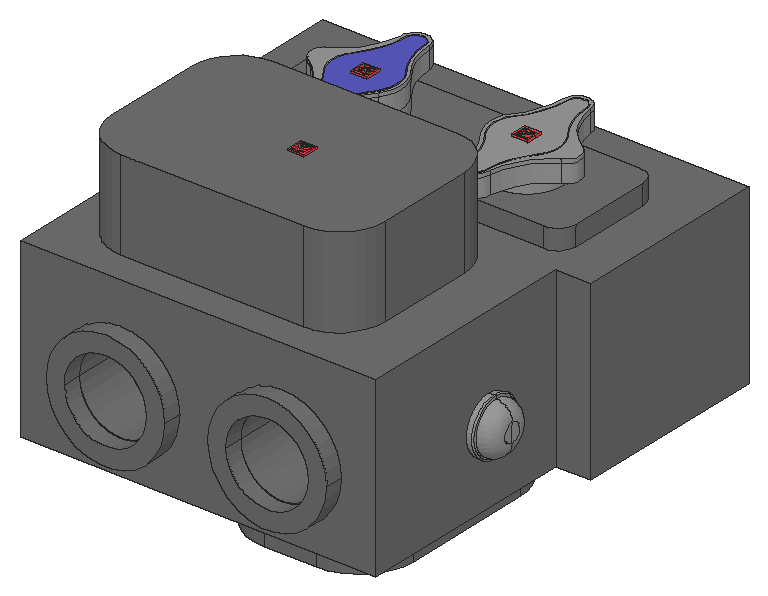
Revit family "HerzCon-Fan-coils and terminal units connection 90mm", category Rohrzubehör, Revit 2020
Family settings
  Bemaßung runder Anschluss = Durchmesser verwenden
  Teiletyp = Unterbricht
  OmniClass-Nummer = 23.65.55.14
  OmniClass-Titel = Valves for Liquid Services
  Arbeitsebenenbasiert = Nein
  Immer vertikal = Ja
  Beim Laden mit Abzugskörper schneiden = Nein
  Gemeinsam genutzt = Nein
Parameters (values of type "DN25")
  kvs-Wert (normal funktion) = "2.75"  # constant formula
  kvs-Wert (bypass funktion) = "10.00"  # constant formula
  Vorgabe-Ansicht = 0.00 mm
  URL = "www.herzvalves.com"
  SCRNSEQ = "ARM;TYP_ARM=\"DURR\";02"
  SCRNCODE = "05;04;04"  # constant formula
  Part number isolation [instance] = 1470098  # constant formula
  Part number [instance] = 1460058  # constant formula
  Nennweite SF [instance] = 32.00 mm  # constant formula
  Nennweite Kombi [instance] = 32.00 mm  # constant formula
  Nennweite KH [instance] = 25.00 mm  # constant formula
  Min. operating temperature = -20 °C  # constant formula
  Membranes and O-rings = "EPDM"  # constant formula
  Medium = "Water purity in accordance with the ÖNORM H 5195 and VDI 2035 standards.\r\nEthylene and propylene glycol can be mixed to a ratio of 25 - 50 vol. [%]."
  Max. operating temperature = 130 °C  # constant formula
  Max. operating pressure = 2500000.0 Pa  # constant formula
  Max. differential pressure = 400000.0 Pa  # constant formula
  L11 = 14.00 mm  # constant formula
  L10 = 25.00 mm  # constant formula
  L09 = 16.00 mm  # constant formula
  L08 = 14.75 mm  # constant formula
  L07 = 12.50 mm  # constant formula
  L06 = 20.50 mm  # constant formula
  L04 = 45.00 mm  # constant formula
  L03 = 18.00 mm  # constant formula
  L02 = 4.80 mm  # constant formula
  L01 = 19.85 mm  # constant formula
  L00 [instance] = 189.70 mm  # constant formula
  L05 = 22.00 mm  # constant formula
  Insulation box = "EPP, water vapour impermeable, black"  # constant formula
  Lift = "4 mm"  # constant formula
  Hersteller = "HERZ Armaturen Ges.m.b.H."  # constant formula
  H02 = D02 + 1.00 mm  # 28.00 mm
  H01 = 39.50 mm  # constant formula
  Insulation [instance] = yes
  D11 = 20.00 mm  # constant formula
  D10 = 13.00 mm  # constant formula
  D09 = 18.90 mm  # constant formula
  D08 = 19.10 mm  # constant formula
  D07 = 14.85 mm  # constant formula
  D06 = 32.60 mm  # constant formula
  D05 = 33.80 mm  # constant formula
  D04 = 15.50 mm  # constant formula
  D03 = 21.25 mm  # constant formula
  D02 = 27.00 mm  # constant formula
  D01 = 15.00 mm  # constant formula
  Body = "dezincification-resistant brass"  # constant formula
  Application = "HerzCON has been designed to give a simple connection to fan-coils, or other terminal units, and utilises the HERZ 4006 SMART Pressure Independent Balancing Control Valve with HERZ multifunctional ball valve and a HERZ strainer with HERZ drain valve 2512.\r\nOn/off or modulating 0 – 10 V DC actuators can be fitted and integrated to a BMS if required.\r\nThe unit allows pressure independent control ensuring full stroke regardless of pressure fluctuations, while guaranteeing a constant flow rate to the terminal unit maximising energy efficiency for the system.\r\nThe HerzCON unit also permits flushing and isolating operations to be undertaken.\r\nThis means there is no product differentiation between heating and chilled, one unit does both applications.\r\nThe drain cock fitted to the strainer allows flushing without the need to remove the strainer basket and also allows the strainer basket to be cleaned in-situ."
Reference planes
  plane 1 "Mitte (Vorne/hinten)": y = 0
  plane 2: z = 0
  plane 3 "Mitte (Links/rechts)": x = 0
Forms (mm)
  Revolve 1, solid, material "Messing, weicher Gelbton, geschweißt", detail levels fine
    sketch origin (-0.315, -1.436, 0) x (1, 0, 0) y (0, 1, 0)
      loop
        line (-94.535, 1.436) -> (95.165, 1.436) -> (95.165, 16.436) -> (75.315, 16.436) -> (75.315, 28.436) -> (23.115, 28.436) -> (23.115, 22.686) -> (18.315, 22.686) -> (18.315, 16.936) -> (-17.685, 16.936) -> (-17.685, 22.686) -> (-22.485, 22.686) -> (-22.485, 28.436) -> (-74.685, 28.436) -> (-74.685, 16.436) -> (-94.535, 16.436) -> (-94.535, 1.436)
      axis (95.165, 1.436) -> (-94.535, 1.436)
    angle from 0 to 360
  Revolve 2, solid, material "Messing, weicher Gelbton, geschweißt", detail levels fine
    sketch origin (0, 0, 0) x (1, 0, 0) y (0, 1, 0)
      loop
        line (-45, 28.35) -> (-57.5, 28.35) -> (-57.5, 47.45) -> (-65.5, 47.45) -> (-65.5, 32.6) -> (-67, 32.6) -> (-67, -33.8) -> (-59.75, -33.8) -> (-59.75, -45.7) -> (-70, -45.7) -> (-70, -65.7) -> (-61, -65.7) -> (-61, -52.7) -> (-45, -52.7) -> (-45, 28.35)
      axis (-45, 47.45) -> (-45, -65.7)
    angle from 0 to 360
  Revolve 3, solid, material "Messing, weicher Gelbton, geschweißt", detail levels fine
    sketch origin (0, 0, 0) x (-1, 0, 0) y (0, 1, 0)
      loop
        line (-45, 28.35) -> (-57.5, 28.35) -> (-57.5, 47.45) -> (-65.5, 47.45) -> (-65.5, 32.6) -> (-67, 32.6) -> (-67, -33.8) -> (-59.75, -33.8) -> (-59.75, -45.7) -> (-70, -45.7) -> (-70, -65.7) -> (-61, -65.7) -> (-61, -52.7) -> (-45, -52.7) -> (-45, 28.35)
      axis (-45, 47.45) -> (-45, -65.7)
    angle from 0 to 360
  Revolve 4, solid, material "Messing, weicher Gelbton, geschweißt", detail levels fine
    sketch origin (0, 0, 0) x (1, 0, 0) y (0, 0, 1)
      loop
        line (-45, 0) -> (-45, 39.5) -> (-59, 39.5) -> (-59, 0) -> (-45, 0)
      axis (-45, 0) -> (-45, 39.5)
    angle from 0 to 360
  Revolve 5, solid, material "Messing, weicher Gelbton, geschweißt", detail levels fine
    sketch origin (0, 0, 0) x (-1, 0, 0) y (0, 0, 1)
      loop
        line (-45, 0) -> (-45, 39.5) -> (-59, 39.5) -> (-59, 0) -> (-45, 0)
      axis (-45, 0) -> (-45, 39.5)
    angle from 0 to 360
  Revolve 6, solid, material "Messing, weicher Gelbton, geschweißt", detail levels fine
    sketch origin (0, 33.127, 0) x (1, 0, 0) y (0, 1, 0)
      loop
        line (45, -87.677) -> (29, -87.677) -> (29, -96.677) -> (30, -96.677) -> (30, -154.677) -> (29, -154.677) -> (29, -163.677) -> (45, -163.677) -> (45, -87.677)
      axis (45, -87.677) -> (45, -163.677)
    angle from 0 to 360
  Revolve 7, solid, material "Messing, weicher Gelbton, geschweißt", detail levels fine
    sketch origin (0, 0, 0) x (1, 0, 0) y (0, 1, 0)
      loop
        line (25, -92.55) -> (25, -107.55) -> (45, -107.55) -> (60, -111.55) -> (68, -111.55) -> (68, -107.55) -> (78, -107.55) -> (78, -105.55) -> (91, -105.55) -> (91, -106.55) -> (100, -106.55) -> (100, -92.55) -> (25, -92.55)
      axis (25, -92.55) -> (100, -92.55)
    angle from 0 to 360
  Revolve 8, solid, material "Messing, weicher Gelbton, geschweißt", detail levels fine
    sketch origin (0, 0, 0) x (1, 0, 0) y (0, 1, 0)
      loop
        line (25, -92.55) -> (11, -92.55) -> (11, -103.55) -> (15, -103.55) -> (15, -109.55) -> (25, -109.55) -> (25, -92.55)
      axis (11, -92.55) -> (25, -92.55)
    angle from 0 to 360
  Extrusion 9, solid, material "Messing, weicher Gelbton, geschweißt", detail levels fine
    sketch origin (0, 0, 0) x (0, 1, 0) y (0, 0, 1)
      loop
        line (-87.8, 46) -> (-97.3, 46) -> (-130.012, 27.114) -> (-134.762, 18.886) -> (-134.762, -18.886) -> (-130.012, -27.114) -> (-97.3, -46) -> (-87.8, -46) -> (-55.088, -27.114) -> (-50.338, -18.886) -> (-50.338, 18.886) -> (-55.088, 27.114) -> (-87.8, 46)
    from 11 to -10.6
  Revolve 10, solid, material "Messing, weicher Gelbton, geschweißt", detail levels fine
    sketch origin (0, 0, 0) x (1, 0, 0) y (0, 1, 0)
      loop
        line (-10.6, -92.55) -> (-10.6, -62.694) -> (-14.1, -75.05) -> (-14.1, -92.55) -> (-10.6, -92.55)
      axis (-14.1, -92.55) -> (-10.6, -92.55)
    angle from 0 to 360
  Extrusion 11, solid, material "Messing, weicher Gelbton, geschweißt", detail levels fine
    sketch origin (0, 0, 0) x (1, 0, 0) y (0, 0, 1)
      loop
        line (11, 8) -> (-6.1, 8)
        arc (-6.1, 8) -> (-14.1, 0) -> (-6.1, -8) r 8
        line (-6.1, -8) -> (11, -8) -> (11, 8)
    from 49.053 to 92.55
  Revolve 12, solid, material "Messing, weicher Gelbton, geschweißt", detail levels fine
    sketch origin (0, 0, 0) x (1, 0, 0) y (0, 1, 0)
      loop
        line (-13.1, -49.053) -> (-6.1, -49.053) -> (-6.1, -33.053) -> (-13.1, -33.053) -> (-13.1, -44.053) -> (-10.1, -44.053) -> (-10.1, -46.053) -> (-13.1, -46.053) -> (-13.1, -49.053)
      axis (-6.1, -33.053) -> (-6.1, -49.053)
    angle from 0 to 360
  Revolve 13, solid, material "Messing, weicher Gelbton, geschweißt", detail levels fine
    sketch origin (45, 0, 0) x (0, 1, 0) y (0, 0, 1)
      loop
        line (-107.55, 29) -> (-116.55, 29) -> (-116.55, 0) -> (-115.35, 0) -> (-115.35, -27) -> (-114.55, -27) -> (-114.55, -30) -> (-111.55, -30) -> (-111.55, -32) -> (-114.55, -32) -> (-114.55, -43) -> (-107.55, -43) -> (-107.55, 29)
      axis (-107.55, 29) -> (-107.55, -43)
    angle from 0 to 360
  Revolve 14, solid, material "Messing, weicher Gelbton, geschweißt", detail levels fine
    sketch origin (45, 0, 0) x (0, 1, 0) y (0, 0, 1)
      loop
        line (-68.55, 29) -> (-77.55, 29) -> (-77.55, 0) -> (-68.55, 0) -> (-68.55, 29)
      axis (-77.55, 29) -> (-77.55, 0)
    angle from 0 to 360
  Revolve 15, solid, material "Messing, weicher Gelbton, geschweißt", detail levels fine
    sketch origin (5.25, 97.957, 0) x (1, 0, 0) y (0, 1, 0)
      loop
        line (-50.25, -152.507) -> (-66.25, -152.507) -> (-66.25, -167.507) -> (-67.75, -167.507) -> (-67.75, -230.907) -> (-66.25, -230.907) -> (-66.25, -242.507) -> (-50.25, -242.507) -> (-50.25, -152.507)
      axis (-50.25, -152.507) -> (-50.25, -242.507)
    angle from 0 to 360
  Revolve 16, solid, material "Messing, weicher Gelbton, geschweißt", detail levels fine
    sketch origin (-45, -230.478, 0) x (0, 1, 0) y (0, 0, 1)
      loop
        arc (130.928, -23.913) -> (141.764, -20.377) -> (148.428, -11.13) r 18.37
        line (148.428, -11.13) -> (148.428, 3) -> (149.428, 4.812) -> (149.428, 32.5) -> (149.428, 34.5) -> (148.428, 34.5) -> (148.428, 36) -> (144.428, 36) -> (144.428, 49) -> (142.55, 50.084)
        arc (142.55, 50.084) -> (140.382, 52.622) -> (140.295, 55.959) r 5
        line (140.295, 55.959) -> (141.933, 61) -> (141.933, 76) -> (144.133, 76) -> (144.133, 77.5) -> (145.912, 77.5) -> (145.912, 84) -> (144.912, 86.5) -> (133.412, 86.5) -> (133.412, 89.5) -> (134.912, 89.5) -> (134.912, 91.5) -> (130.928, 91.5) -> (130.928, -23.913)
      axis (130.928, 91.5) -> (130.928, -23.913)
    angle from 0 to 360
  Extrusion 17, solid, material "Messing, weicher Gelbton, geschweißt", detail levels fine
    sketch origin (-1, -230.478, 0) x (0, 1, 0) y (0, 0, 1)
      loop
        circle (130.928, 65) r 5.5
    from -44 to -27
  Extrusion 18, solid, material "Kunststoff-Anthrazit/Schwarz", visible <- "Insulation", detail levels fine
    sketch origin (-452.346, 0, 0) x (1, 0, 0) y (0, 1, 0)
      loop
        line (332.346, 64.5) -> (332.346, -45.5) -> (351.746, -45.5) -> (351.746, -170.5) -> (549.946, -170.5) -> (549.946, -45.5) -> (569.346, -45.5) -> (569.346, 64.5) -> (332.346, 64.5)
    from -42 to 56
  Extrusion 19, void
    sketch origin (0, 0, 0) x (0, 1, 0) y (0, 0, 1)
      loop
        circle (-92.55, 0) r 15
    from 117 to 32.451
  Extrusion 20, void
    sketch origin (0, 0, 0) x (1, 0, 0) y (0, 0, 1)
      loop
        circle (-45, 0) r 23
      loop
        circle (45, 0) r 23
    from 184.5 to -80
  Extrusion 21, solid, material "Kunststoff-Anthrazit/Schwarz", visible <- "Insulation", detail levels fine
    sketch origin (0, 0, 0) x (1, 0, 0) y (0, 0, 1)
      loop
        circle (-45, 0) r 33
      loop
        circle (45, 0) r 33
    from 180.5 to 170.5
  Extrusion 22, solid, material "Kunststoff-Anthrazit/Schwarz", visible <- "Insulation", detail levels fine
    sketch origin (0, 0, 0) x (1, 0, 0) y (0, 0, 1)
      loop
        circle (-45, 0) r 33
      loop
        circle (45, 0) r 33
    from -64.5 to -74.5
  Extrusion 23, solid, material "Kunststoff-Anthrazit/Schwarz", visible <- "Insulation", detail levels fine
    sketch origin (0, 0, 0) x (1, 0, 0) y (0, 1, 0)
      loop
        line (43.2, -46.9) -> (-58.4, -46.9)
        arc (-58.4, -46.9) -> (-76.078, -54.222) -> (-83.4, -71.9) r 25
        line (-83.4, -71.9) -> (-83.4, -128)
        arc (-83.4, -128) -> (-76.078, -145.678) -> (-58.4, -153) r 25
        line (-58.4, -153) -> (43.2, -153)
        arc (43.2, -153) -> (60.878, -145.678) -> (68.2, -128) r 25
        line (68.2, -128) -> (68.2, -71.9)
        arc (68.2, -71.9) -> (60.878, -54.222) -> (43.2, -46.9) r 25
    from 56 to 106
  Extrusion 24, solid, material "Kunststoff-Anthrazit/Schwarz", visible <- "Insulation", detail levels fine
    sketch origin (0, 0, 0) x (1, 0, 0) y (0, 1, 0)
      loop
        arc (81.5, -33.43) -> (88.571, -30.501) -> (91.5, -23.43) r 10
        line (91.5, -23.43) -> (91.5, 22.8)
        arc (91.5, 22.8) -> (88.571, 29.871) -> (81.5, 32.8) r 10
        line (81.5, 32.8) -> (-81.5, 32.8)
        arc (-81.5, 32.8) -> (-88.571, 29.871) -> (-91.5, 22.8) r 10
        line (-91.5, 22.8) -> (-91.5, -23.43)
        arc (-91.5, -23.43) -> (-88.571, -30.501) -> (-81.5, -33.43) r 10
        line (-81.5, -33.43) -> (81.5, -33.43)
    from 56 to 67
  Extrusion 25, solid, material "Kunststoff-Anthrazit/Schwarz", visible <- "Insulation", detail levels fine
    sketch origin (0, 0, 0) x (1, 0, 0) y (0, 1, 0)
      loop
        arc (5.4, 1.85) -> (-15.813, -6.937) -> (-24.6, -28.15) r 30
        line (-24.6, -28.15) -> (-24.6, -102.9)
        arc (-24.6, -102.9) -> (-15.813, -124.113) -> (5.4, -132.9) r 30
        line (5.4, -132.9) -> (34.4, -132.9)
        arc (34.4, -132.9) -> (55.613, -124.113) -> (64.4, -102.9) r 30
        line (64.4, -102.9) -> (64.4, -28.15)
        arc (64.4, -28.15) -> (55.613, -6.937) -> (34.4, 1.85) r 30
        line (34.4, 1.85) -> (5.4, 1.85)
    from -42 to -76
Cuts and joins
  Extrusion 19, Extrusion 20 cuts Extrusion 18
  Extrusion 20 cuts Extrusion 21
  Extrusion 20 cuts Extrusion 22
Dimensions and locks
  "D04": Revolve 1 sketch curve to Revolve 1 sketch curve
  "D03": Revolve 1 sketch curve to Revolve 1 sketch curve  (x2)
  "D01": Revolve 1 sketch curve to Revolve 1 sketch curve  (x2)
  "D02": Revolve 1 sketch curve to Revolve 1 sketch curve  (x2)
  "L00": Revolve 1 sketch curve to Revolve 1 sketch curve
  "L01": Revolve 1 sketch curve to Revolve 1 sketch curve  (x2)
  "L02": Revolve 1 sketch curve to Revolve 1 sketch curve  (x2)
  equal spacing: Revolve 1 sketch curve, plane 3 "Mitte (Links/rechts)", Revolve 1 sketch curve
  "L03": Revolve 1 sketch curve to plane 3 "Mitte (Links/rechts)" to Revolve 1 sketch curve
  "L04": Revolve 2 sketch curve to plane 3 "Mitte (Links/rechts)"  (x2)
  "L05": Revolve 2 sketch curve to Revolve 2 sketch curve
  "D05": Revolve 2 sketch curve to plane 1 "Mitte (Vorne/hinten)"
  "D06": plane 1 "Mitte (Vorne/hinten)" to Revolve 2 sketch curve
  "L06": Revolve 2 sketch curve to Revolve 2 sketch curve
  "D07": Revolve 2 sketch curve to Revolve 2 sketch curve
  "D08": Revolve 2 sketch curve to Revolve 2 sketch curve
  "L07": Revolve 2 sketch curve to Revolve 2 sketch curve
  "L08": Revolve 2 sketch curve to Revolve 2 sketch curve
  "D09": Revolve 2 sketch curve to Revolve 2 sketch curve
  "D10": Revolve 2 sketch curve to Revolve 2 sketch curve
  "D11": Revolve 2 sketch curve to Revolve 2 sketch curve
  "L09": Revolve 2 sketch curve to Revolve 2 sketch curve
  "L10": Revolve 2 sketch curve to Revolve 2 sketch curve
  "L05": Revolve 3 sketch curve to Revolve 3 sketch curve
  "L06": Revolve 3 sketch curve to Revolve 3 sketch curve
  "D07": Revolve 3 sketch curve to Revolve 3 sketch curve
  "D08": Revolve 3 sketch curve to Revolve 3 sketch curve
  "L07": Revolve 3 sketch curve to Revolve 3 sketch curve
  "L08": Revolve 3 sketch curve to Revolve 3 sketch curve
  "D09": Revolve 3 sketch curve to Revolve 3 sketch curve
  "D10": Revolve 3 sketch curve to Revolve 3 sketch curve
  "D11": Revolve 3 sketch curve to Revolve 3 sketch curve
  "L09": Revolve 3 sketch curve to Revolve 3 sketch curve
  "L10": Revolve 3 sketch curve to Revolve 3 sketch curve
  "L04": plane 3 "Mitte (Links/rechts)" to Revolve 3 sketch curve  (x2)
  "D05": Revolve 3 sketch curve to plane 1 "Mitte (Vorne/hinten)"
  "D06": plane 1 "Mitte (Vorne/hinten)" to Revolve 3 sketch curve
  "H01": Revolve 4 sketch curve to plane 2
  "L04": plane 3 "Mitte (Links/rechts)" to Revolve 4 sketch curve  (x2)
  "L11": Revolve 4 sketch curve to Revolve 4 sketch curve
  "L11": Revolve 5 sketch curve to Revolve 5 sketch curve
  "L04": Revolve 5 sketch curve to plane 3 "Mitte (Links/rechts)"  (x2)
  "H01": Revolve 5 sketch curve to plane 2
  "L04": nested 3 to plane 3 "Mitte (Links/rechts)"
  "L04": plane 3 "Mitte (Links/rechts)" to nested 4
  "H02": nested 3 to plane 2
  "H02": nested 4 to plane 2
  "L04": plane 3 "Mitte (Links/rechts)" to Revolve 6 sketch curve  (x2)
  Revolve 6 sketch curve to Revolve 6 sketch curve = 16.00 mm  (x2)
  Revolve 6 sketch curve to Revolve 6 sketch curve = 15.00 mm
  Revolve 6 sketch curve to Revolve 6 sketch curve = 76.00 mm
  Revolve 6 sketch curve to Revolve 6 sketch curve = 9.00 mm  (x2)
  equal spacing: Revolve 6, Revolve 7 sketch curve, Revolve 6  (x2)
  Revolve 7 sketch curve to Revolve 7 sketch curve = 75.00 mm
  Revolve 7 sketch curve to Revolve 7 sketch curve = 9.00 mm
  Revolve 7 sketch curve to Revolve 7 sketch curve = 13.00 mm  (x2)
  Revolve 7 sketch curve to Revolve 7 sketch curve = 10.00 mm
  "L04": plane 3 "Mitte (Links/rechts)" to Revolve 7 sketch curve
  Revolve 7 sketch curve to Revolve 7 sketch curve = 14.00 mm
  Revolve 7 sketch curve to Revolve 7 sketch curve = 15.00 mm  (x2)
  Revolve 7 sketch curve to Revolve 7 sketch curve = 20.00 mm
  Revolve 7 sketch curve to Revolve 7 sketch curve = 35.00 mm
  Revolve 8 sketch curve to Revolve 7 = 20.00 mm
  equal spacing: Revolve 6, Revolve 8 sketch curve, Revolve 6  (x2)
  Revolve 8 sketch curve to Revolve 8 sketch curve = 17.00 mm
  Revolve 8 sketch curve to Revolve 8 sketch curve = 11.00 mm
  Revolve 8 sketch curve to Revolve 8 sketch curve = 14.00 mm
  Revolve 8 sketch curve to Revolve 8 sketch curve = 10.00 mm
  Revolve 6 to Extrusion 9 sketch curve = 4.212 mm
  Extrusion 9 sketch curve to Revolve 6 = 4.212 mm
  Extrusion 9 sketch curve to Extrusion 9 sketch curve = 84.424 mm
  equal spacing: Extrusion 9 sketch curve, level, Extrusion 9 sketch curve
  Extrusion 9 to Revolve 7 = 34.00 mm
  equal spacing: Revolve 6, Revolve 10 sketch curve, Revolve 6  (x2)
  Revolve 10 sketch curve to Revolve 10 sketch curve = 17.50 mm
  Revolve 10 sketch curve to Revolve 10 sketch curve = 29.856 mm
  Revolve 10 sketch curve to Extrusion 9 = 3.50 mm
  equal spacing: Revolve 6, nested 5, Revolve 6
  Revolve 7 to nested 5 = 46.00 mm
  Extrusion 9 to Revolve 10 = 25.10 mm
  Revolve 12 sketch curve to Revolve 12 sketch curve = 7.00 mm  (x2)
  Revolve 12 sketch curve to Revolve 12 sketch curve = 4.00 mm
  Revolve 12 sketch curve to Revolve 12 sketch curve = 3.00 mm
  Revolve 12 sketch curve to Revolve 12 sketch curve = 2.00 mm
  Revolve 12 sketch curve to Revolve 12 sketch curve = 11.00 mm
  Revolve 10 to Revolve 12 sketch curve = 1.00 mm
  Revolve 10 to Revolve 12 sketch curve = 8.00 mm
  Extrusion 11 to Revolve 12 sketch curve = 43.497 mm
  equal spacing: Revolve 6, Extrusion 11, Revolve 6
  Extrusion 11 to Extrusion 11 = 43.497 mm
  Revolve 3 to Revolve 6 = 178.00 mm
  Revolve 13 sketch curve to Revolve 13 sketch curve = 7.80 mm
  Revolve 13 sketch curve to Revolve 13 sketch curve = 9.00 mm
  Revolve 13 sketch curve to Revolve 13 sketch curve = 7.00 mm  (x2)
  Revolve 13 sketch curve to Revolve 13 sketch curve = 4.00 mm
  Revolve 13 sketch curve to Revolve 13 sketch curve = 3.00 mm
  Revolve 13 sketch curve to Revolve 13 sketch curve = 2.00 mm
  Revolve 13 sketch curve to Revolve 13 sketch curve = 11.00 mm
  "L04": plane 3 "Mitte (Links/rechts)" to Revolve 13
  Revolve 14 sketch curve to Revolve 14 sketch curve = 9.00 mm
  "L04": plane 3 "Mitte (Links/rechts)" to Revolve 14
  nested 7 to plane 2 = 29.00 mm
  nested 6 to plane 2 = 29.00 mm
  Revolve 15 sketch curve to Revolve 15 sketch curve = 11.60 mm
  Revolve 15 sketch curve to Revolve 15 sketch curve = 15.00 mm
  Revolve 15 sketch curve to Revolve 15 sketch curve = 90.00 mm
  Revolve 15 sketch curve to Revolve 15 sketch curve = 16.00 mm  (x2)
  Revolve 15 sketch curve to Revolve 15 sketch curve = 17.50 mm
  Revolve 15 to Revolve 16 sketch curve = 45.00 mm  (x2)
  Revolve 15 to Extrusion 17 sketch curve = 45.00 mm
  nested 8 to Revolve 15 = 45.00 mm
  plane 2 to Revolve 16 sketch curve = 23.913 mm
  Revolve 16 sketch curve to plane 2 = 34.50 mm
  Revolve 16 sketch curve to Revolve 16 sketch curve = 17.50 mm  (x2)
  Revolve 16 sketch curve to plane 2 = 4.812 mm
  Revolve 16 sketch curve to Revolve 16 sketch curve = 18.50 mm
  Revolve 16 sketch curve to Revolve 16 sketch curve = 1.50 mm
  Revolve 16 sketch curve to Revolve 16 sketch curve = 13.50 mm
  Revolve 16 sketch curve to Revolve 16 sketch curve = 13.00 mm
  "L04": Revolve 16 to plane 3 "Mitte (Links/rechts)"
  "L04": Revolve 15 sketch curve to plane 3 "Mitte (Links/rechts)"  (x2)
  Extrusion 17 to Extrusion 17 = 17.00 mm
  "L04": plane 3 "Mitte (Links/rechts)" to Extrusion 17
  Revolve 16 to Extrusion 17 sketch curve = 11.00 mm
  Extrusion 17 sketch curve to plane 2 = 65.00 mm
  Revolve 15 to Revolve 2 = 192.00 mm
  Extrusion 18 sketch curve to Extrusion 18 sketch curve = 237.00 mm
  Extrusion 18 sketch curve to Extrusion 18 sketch curve = 235.00 mm
  Extrusion 18 sketch curve to Extrusion 18 sketch curve = 19.40 mm  (x2)
  plane 1 "Mitte (Vorne/hinten)" to Extrusion 18 sketch curve = 64.50 mm
  Extrusion 18 sketch curve to Extrusion 18 sketch curve = 110.00 mm  (x2)
  cut or joined group of Extrusion 18, Extrusion 19, Extrusion 20 to Extrusion 19 sketch curve = 77.95 mm
  cut or joined group of Extrusion 18, Extrusion 19, Extrusion 20 to Extrusion 20 sketch curve = 52.00 mm
  cut or joined group of Extrusion 18, Extrusion 19, Extrusion 20 to Extrusion 20 sketch curve = 142.00 mm
  cut or joined group of Extrusion 18, Extrusion 19, Extrusion 20 to Extrusion 21 sketch curve = 42.00 mm
  cut or joined group of Extrusion 18, Extrusion 19, Extrusion 20 to Extrusion 21 sketch curve = 132.00 mm
  cut or joined group of Extrusion 18, Extrusion 19, Extrusion 20 to Extrusion 22 sketch curve = 42.00 mm
  cut or joined group of Extrusion 18, Extrusion 19, Extrusion 20 to Extrusion 22 sketch curve = 132.00 mm
  cut or joined group of Extrusion 18, Extrusion 19, Extrusion 20 to Extrusion 23 sketch curve = 17.50 mm
  cut or joined group of Extrusion 18, Extrusion 19, Extrusion 20 to Extrusion 23 sketch curve = 17.20 mm
  Extrusion 23 sketch curve to Extrusion 23 sketch curve = 151.60 mm
  Extrusion 23 sketch curve to Extrusion 23 sketch curve = 106.10 mm
  Extrusion 24 sketch curve to Extrusion 24 sketch curve = 66.23 mm
  Extrusion 24 sketch curve to Extrusion 24 sketch curve = 183.00 mm
  cut or joined group of Extrusion 18, Extrusion 19, Extrusion 20 to Extrusion 24 sketch curve = 28.50 mm
  Extrusion 24 sketch curve to cut or joined group of Extrusion 18, Extrusion 19, Extrusion 20 = 25.50 mm
  cut or joined group of Extrusion 18, Extrusion 19, Extrusion 20 to Extrusion 24 sketch curve = 31.70 mm
  cut or joined group of Extrusion 18, Extrusion 19, Extrusion 20 to Extrusion 25 sketch curve = 62.65 mm
  Extrusion 25 sketch curve to Extrusion 25 sketch curve = 134.75 mm
  Extrusion 25 sketch curve to cut or joined group of Extrusion 18, Extrusion 19, Extrusion 20 = 52.60 mm
  Extrusion 25 sketch curve to Extrusion 25 sketch curve = 89.00 mm
  equal spacing: Extrusion 23, nested 9, Extrusion 23
  nested 9 to plane 2 = 105.20 mm
  radius of Revolve 16 sketch curve = 18.37 mm
  radius of Extrusion 17 sketch curve = 5.50 mm
  diameter of Extrusion 19 sketch curve = 30.00 mm
  diameter of Extrusion 20 sketch curve = 46.00 mm  (x2)
  diameter of Extrusion 21 sketch curve = 66.00 mm  (x2)
  diameter of Extrusion 22 sketch curve = 66.00 mm  (x2)
  aligned and locked: level to plane 2
Automatic sketch dimensions
  Extrusion 11 sketch curve to level = 0.00 mm
  Extrusion 11 sketch curve to plane 3 "Mitte (Links/rechts)" = 6.10 mm
  plane 3 "Mitte (Links/rechts)" to Extrusion 11 sketch curve = 11.00 mm
  Extrusion 11 sketch curve to level = 8.00 mm
  Revolve 8 sketch curve to Revolve 8 sketch curve = 2.197 mm
  Revolve 8 sketch curve to Revolve 8 sketch curve = 3.212 mm
  level to Extrusion 9 sketch curve = 27.114 mm  (x2)
  Extrusion 9 sketch curve to Extrusion 9 sketch curve = 4.75 mm  (x4)
  Extrusion 9 sketch curve to level = 27.114 mm  (x2)
  Extrusion 9 sketch curve to Extrusion 9 sketch curve = 32.712 mm  (x2)
  Extrusion 9 sketch curve to Extrusion 9 sketch curve = 9.50 mm  (x2)
  Extrusion 9 sketch curve to Extrusion 9 sketch curve = 18.886 mm
  Extrusion 9 sketch curve to Extrusion 9 sketch curve = 8.227 mm  (x4)
  Revolve 10 sketch curve to plane 3 "Mitte (Links/rechts)" = 10.60 mm
  Revolve 10 sketch curve to Revolve 10 sketch curve = 0.00 mm  (x2)
  Revolve 12 sketch curve to Revolve 12 sketch curve = 1.775 mm
  Revolve 12 sketch curve to Revolve 12 sketch curve = 4.225 mm
  Revolve 13 sketch curve to level = 0.00 mm
  level to Revolve 13 sketch curve = 29.00 mm
  plane 1 "Mitte (Vorne/hinten)" to Revolve 13 sketch curve = 116.55 mm
  Revolve 13 sketch curve to level = 27.00 mm
  Revolve 13 sketch curve to Revolve 13 sketch curve = 7.00 mm
  Revolve 13 sketch curve to Revolve 13 sketch curve = 7.744 mm
  Revolve 13 sketch curve to Revolve 13 sketch curve = 8.256 mm
  Revolve 14 sketch curve to level = 0.00 mm
  level to Revolve 14 sketch curve = 29.00 mm
  plane 1 "Mitte (Vorne/hinten)" to Revolve 14 sketch curve = 77.55 mm
  Revolve 14 sketch curve to Revolve 14 sketch curve = 0.00 mm
  level to Revolve 14 sketch curve = 14.00 mm
  Revolve 14 sketch curve to Revolve 14 sketch curve = 5.00 mm
  Revolve 16 sketch curve to Revolve 16 sketch curve = 2.485 mm
  Revolve 16 sketch curve to Revolve 16 sketch curve = 1.50 mm  (x2)
  level to Revolve 16 sketch curve = 55.959 mm
  Revolve 16 sketch curve to Revolve 16 sketch curve = 4.133 mm
  level to Revolve 16 sketch curve = 61.00 mm
  Revolve 16 sketch curve to Revolve 16 sketch curve = 1.638 mm
  level to Revolve 16 sketch curve = 50.084 mm
  Revolve 16 sketch curve to Revolve 16 sketch curve = 1.878 mm
  Revolve 16 sketch curve to Revolve 16 sketch curve = 10.00 mm
  Revolve 16 sketch curve to Revolve 16 sketch curve = 2.50 mm  (x2)
  Revolve 16 sketch curve to Revolve 16 sketch curve = 1.00 mm
  Revolve 16 sketch curve to Revolve 16 sketch curve = 1.812 mm
  Revolve 16 sketch curve to Revolve 16 sketch curve = 2.00 mm  (x2)
  Revolve 16 sketch curve to Revolve 16 sketch curve = 15.00 mm
  Revolve 16 sketch curve to Revolve 16 sketch curve = 6.50 mm
  Revolve 16 sketch curve to Revolve 16 sketch curve = 3.00 mm
  Revolve 16 sketch curve to Revolve 16 sketch curve = 2.20 mm
  Revolve 16 sketch curve to Revolve 16 sketch curve = 1.316 mm
  Revolve 16 sketch curve to Revolve 16 sketch curve = 0.227 mm
  Extrusion 18 sketch curve to plane 3 "Mitte (Links/rechts)" = 120.00 mm
  Extrusion 19 sketch curve to level = 0.00 mm
  Extrusion 20 sketch curve to level = 0.00 mm  (x2)
  Extrusion 21 sketch curve to level = 0.00 mm  (x2)
  Extrusion 22 sketch curve to level = 0.00 mm  (x2)
  Extrusion 23 sketch curve to Extrusion 23 sketch curve = 25.00 mm  (x4)
  Extrusion 24 sketch curve to Extrusion 24 sketch curve = 10.00 mm  (x4)
  Extrusion 25 sketch curve to Extrusion 25 sketch curve = 30.00 mm
  plane 1 "Mitte (Vorne/hinten)" to Extrusion 25 sketch curve = 28.15 mm
  Extrusion 25 sketch curve to Extrusion 25 sketch curve = 29.00 mm  (x2)
  Revolve 1 sketch curve to plane 1 "Mitte (Vorne/hinten)" = 0.00 mm
  plane 1 "Mitte (Vorne/hinten)" to Revolve 1 sketch curve = 0.00 mm
  Revolve 1 sketch curve to Revolve 1 sketch curve = 1933.131 mm
  Revolve 1 sketch curve to Revolve 1 sketch curve = 1932.50 mm
  plane 1 "Mitte (Vorne/hinten)" to Revolve 2 sketch curve = 18.80 mm
  Revolve 2 sketch curve to Revolve 2 sketch curve = 12.268 mm
  Revolve 3 sketch curve to plane 1 "Mitte (Vorne/hinten)" = 18.80 mm
  Revolve 3 sketch curve to Revolve 3 sketch curve = 12.268 mm
  Revolve 4 sketch curve to level = 0.00 mm  (x2)
  Revolve 4 sketch curve to Revolve 4 sketch curve = 9.50 mm
  Revolve 5 sketch curve to level = 0.00 mm  (x2)
  Revolve 5 sketch curve to Revolve 5 sketch curve = 9.50 mm
  plane 1 "Mitte (Vorne/hinten)" to Revolve 6 sketch curve = 130.55 mm
  Revolve 6 sketch curve to Revolve 6 sketch curve = 6.00 mm
  Revolve 6 sketch curve to Revolve 6 sketch curve = 5.00 mm
  Revolve 7 sketch curve to Revolve 7 sketch curve = 4.00 mm
  Revolve 7 sketch curve to Revolve 7 sketch curve = 15.00 mm
  Revolve 7 sketch curve to Revolve 7 sketch curve = 11.575 mm
  plane 1 "Mitte (Vorne/hinten)" to Revolve 15 sketch curve = 144.55 mm
  Revolve 15 sketch curve to Revolve 15 sketch curve = 6.926 mm
  Revolve 15 sketch curve to Revolve 15 sketch curve = 10.00 mm
Nested families
  nested 1: "Herz-Logo-vorne" at (-0.315, -15.5, 0) x (0, 1, 0) z (0, 0, 1), type "Herz-Logo-vorne", detail levels fine
  nested 2: "Herz-Logo-vorne" at (-0.315, 15.5, 0) x (0, 1, 0) z (0, 0, 1), type "Herz-Logo-vorne", detail levels fine
  nested 3: "Handrad (blau) für HerzCon DN25-DN32" at (-45, 0, 28) x (0, -1, 0) z (0, 0, 1), type "Handrad (blau) für HerzCon DN25-DN32", detail levels fine
  nested 4: "Handrad (rot) für HerzCon DN25-DN32" at (45, 0, 28) x (0, 1, 0) z (0, 0, 1), type "Handrad (rot) für HerzCon DN25-DN32", detail levels fine
  nested 5: "Bauschutzkappe für HerCon" at (91, -92.55, 0), type "Bauschutzkappe für HerCon"
  nested 6: "Messstutzen_Band_Austritt_senkrecht_(oben)" at (45, -77.55, 11.5), type "Messstutzen_Band_Austritt_senkrecht_(oben)"
    with Schutzkappe yes, Nennweite 0.00 mm, Gewicht 0.00 kg, Bestellnummer 0
  nested 7: "Messstutzen_Band_Eintritt_senkrecht_(oben)" at (45, -107.55, 11.5), type "Messstutzen_Band_Eintritt_senkrecht_(oben)"
    with Schutzkappe yes, Nennweite 0.00 mm, Gewicht 0.00 kg, Bestellnummer 0
  nested 8: "Flügelgriff rot (seite)" at (-32.6, -99.55, 65), type "Flügelgriff rot (seite)"
  nested 9: "Herz-Logo" at (0, -99.95, 105.2), visible <- "Insulation", type "Herz-Logo", detail levels fine
Connectors
  piping at (45, -130.55, 0), diameter 32, driven by "Nennweite Kombi"
    settings: on Revolve 6, index 1, connector inside diameter 609.6 mm, connector length 0.00 mm, flow factor 0, pipe flow 0.0 L/s, pressure drop 0.0 Pa, fitting loss kfactor 0, connector angle 0.00°, fixture units 0, engagement length 0.00 mm, angle of deflection 0.00°, flow configuration 0, flow direction 1, fitting loss method 0, system type 7, joint type 0, gender type 0, connector reference index -1, connector utility 0, adjustable connector no, is connector primary yes, connector description ""
  piping at (-45, -144.55, 0), diameter 32, driven by "Nennweite SF"
    settings: on Revolve 15, index 2, connector inside diameter 609.6 mm, connector length 0.00 mm, flow factor 0, pipe flow 0.0 L/s, pressure drop 0.0 Pa, fitting loss kfactor 0, connector angle 0.00°, fixture units 0, engagement length 0.00 mm, angle of deflection 0.00°, flow configuration 0, flow direction 2, fitting loss method 0, system type 8, joint type 0, gender type 0, connector reference index -1, connector utility 0, adjustable connector no, is connector primary no, connector description ""
  piping at (-45, 28.35, 0), diameter 25, driven by "Nennweite KH"
    settings: on Revolve 2, index 3, connector inside diameter 609.6 mm, connector length 0.00 mm, flow factor 0, pipe flow 0.0 L/s, pressure drop 0.0 Pa, fitting loss kfactor 0, connector angle 0.00°, fixture units 0, engagement length 0.00 mm, angle of deflection 0.00°, flow configuration 0, flow direction 1, fitting loss method 0, system type 8, joint type 0, gender type 0, connector reference index -1, connector utility 0, adjustable connector no, is connector primary no, connector description ""
  piping at (45, 28.35, 0), diameter 25, driven by "Nennweite KH"
    settings: on Revolve 3, index 4, connector inside diameter 609.6 mm, connector length 0.00 mm, flow factor 0, pipe flow 0.0 L/s, pressure drop 0.0 Pa, fitting loss kfactor 0, connector angle 0.00°, fixture units 0, engagement length 0.00 mm, angle of deflection 0.00°, flow configuration 0, flow direction 2, fitting loss method 0, system type 7, joint type 0, gender type 0, connector reference index -1, connector utility 0, adjustable connector no, is connector primary no, connector description ""
Definition of nested family "Herz-Logo-vorne"
  Parameters (values of type "Herz-Logo-vorne")
    Default Elevation = 0.00 mm
  Reference planes
    plane 1 "Mitte (Vorne/hinten)": y = 0
    plane 2: z = 0
    plane 3 "Mitte (Links/rechts)": x = 0
  Forms (mm)
    Extrusion 1, solid
      sketch origin (0.732, -0.018, 0.017) x (0, -1, 0) y (0, 0, 1)
        loop
          line (-0.018, -4.517) -> (4.482, -4.517) -> (4.482, 4.483) -> (-4.518, 4.483) -> (-4.518, -4.517) -> (-0.018, -4.517)
        loop
          line (-0.05, -3.48) -> (3.482, -3.48) -> (3.482, 3.483) -> (-3.518, 3.483) -> (-3.518, -3.48) -> (-0.05, -3.48)
        loop
          arc (-0.018, 2.383) -> (-1.543, 3.287) -> (-3.067, 2.383) r 1.738
          arc (-3.067, 2.383) -> (-3.191, 1.899) -> (-3.067, 1.415) r 1.009
          line (-3.067, 1.415) -> (-0.018, -3.281) -> (3.032, 1.415)
          arc (3.032, 1.415) -> (3.156, 1.899) -> (3.032, 2.383) r 1.009
          arc (3.032, 2.383) -> (1.507, 3.287) -> (-0.018, 2.383) r 1.738
        loop
          arc (1.885, 1.272) -> (2.005, 1.675) -> (1.885, 2.079) r 0.74
          arc (1.885, 2.079) -> (1.265, 2.416) -> (0.644, 2.079) r 0.74
          line (0.644, 2.079) -> (-0.018, 0.97) -> (-0.679, 2.079)
          arc (-0.679, 2.079) -> (-1.3, 2.416) -> (-1.921, 2.079) r 0.74
          arc (-1.921, 2.079) -> (-2.04, 1.675) -> (-1.921, 1.272) r 0.74
          line (-1.921, 1.272) -> (-0.018, -1.658) -> (1.885, 1.272)
      from 0 to 1.5
  Dimensions and locks
    aligned and locked: level to plane 2
Definition of nested family "Handrad (blau) für HerzCon DN25-DN32"
  Parameters (values of type "Handrad (blau) für HerzCon DN25-DN32")
    Default Elevation = 0.00 mm
  Reference planes
    plane 1 "Mitte (Vorne/hinten)": y = 0
    plane 2: z = 0
    plane 3 "Mitte (Links/rechts)": x = 0
  Forms (mm)
    Extrusion 1, solid, detail levels fine
      sketch origin (0, 0, 0) x (1, 0, 0) y (0, 1, 0)
        loop
          circle (0, 0) r 20
      from 0 to 45
    Extrusion 2, solid, detail levels fine
      sketch origin (0, 0, 0) x (1, 0, 0) y (0, 1, 0)
        loop
          arc (-35, 7.5) -> (-42.5, 0) -> (-35, -7.5) r 7.5
          arc (-35, -7.5) -> (-19.287, -13.2) -> (-7.275, -24.825) r 40
          arc (-7.275, -24.825) -> (0, -30) -> (7.275, -24.825) r 7.7
          arc (7.275, -24.825) -> (19.287, -13.2) -> (35, -7.5) r 40
          arc (35, -7.5) -> (42.5, 0) -> (35, 7.5) r 7.5
          arc (35, 7.5) -> (22.22, 10.127) -> (10.965, 16.726) r 40
          arc (10.965, 16.726) -> (0, 20) -> (-10.965, 16.726) r 20
          arc (-10.965, 16.726) -> (-22.22, 10.127) -> (-35, 7.5) r 40
      from 45 to 55
    Extrusion 3, solid, detail levels fine
      sketch origin (0, 0, 0) x (1, 0, 0) y (0, 1, 0)
        loop
          arc (-35, 7.5) -> (-42.5, 0) -> (-35, -7.5) r 7.5
          arc (-35, -7.5) -> (-19.287, -13.2) -> (-7.275, -24.825) r 40
          arc (-7.275, -24.825) -> (0, -30) -> (7.275, -24.825) r 7.7
          arc (7.275, -24.825) -> (19.287, -13.2) -> (35, -7.5) r 40
          arc (35, -7.5) -> (42.5, 0) -> (35, 7.5) r 7.5
          arc (35, 7.5) -> (22.22, 10.127) -> (10.965, 16.726) r 40
          arc (10.965, 16.726) -> (0, 20) -> (-10.965, 16.726) r 20
          arc (-10.965, 16.726) -> (-22.22, 10.127) -> (-35, 7.5) r 40
        loop
          arc (-34.965, 5.5) -> (-40.5, 0) -> (-34.965, -5.5) r 5.5
          arc (-34.965, -5.5) -> (-21.579, -8.231) -> (-9.777, -15.113) r 42
          arc (-9.777, -15.113) -> (0, -18) -> (9.777, -15.113) r 18
          arc (9.777, -15.113) -> (21.579, -8.231) -> (34.965, -5.5) r 42
          arc (34.965, -5.5) -> (40.5, 0) -> (34.965, 5.5) r 5.5
          arc (34.965, 5.5) -> (21.579, 8.231) -> (9.777, 15.113) r 42
          arc (9.777, 15.113) -> (0, 18) -> (-9.777, 15.113) r 18
          arc (-9.777, 15.113) -> (-21.579, 8.231) -> (-34.965, 5.5) r 42
      from 55 to 57
    Extrusion 4, solid, detail levels fine
      sketch origin (0, 0, 0) x (1, 0, 0) y (0, 1, 0)
        loop
          arc (-34.965, 5.5) -> (-40.5, 0) -> (-34.965, -5.5) r 5.5
          arc (-34.965, -5.5) -> (-21.579, -8.231) -> (-9.777, -15.113) r 42
          arc (-9.777, -15.113) -> (0, -18) -> (9.777, -15.113) r 18
          arc (9.777, -15.113) -> (21.579, -8.231) -> (34.965, -5.5) r 42
          arc (34.965, -5.5) -> (40.5, 0) -> (34.965, 5.5) r 5.5
          arc (34.965, 5.5) -> (21.579, 8.231) -> (9.777, 15.113) r 42
          arc (9.777, 15.113) -> (0, 18) -> (-9.777, 15.113) r 18
          arc (-9.777, 15.113) -> (-21.579, 8.231) -> (-34.965, 5.5) r 42
      from 55 to 57
  Dimensions and locks
    aligned and locked: level to plane 2
  Nested families
    nested 1: "Herz-Logo" at (0, 0, 56.5), type "Herz-Logo", detail levels fine
  Definition of nested family "Herz-Logo"
    Parameters (values of type "Herz-Logo")
      Default Elevation = 0.00 mm
    Reference planes
      plane 1 "Mitte (Vorne/hinten)": y = 0
      plane 2: z = 0
      plane 3 "Mitte (Links/rechts)": x = 0
    Forms (mm)
      Extrusion 1, solid
        sketch origin (0, 0, 0) x (1, 0, 0) y (0, 1, 0)
          loop
            line (-0.018, -4.517) -> (4.482, -4.517) -> (4.482, 4.483) -> (-4.518, 4.483) -> (-4.518, -4.517) -> (-0.018, -4.517)
          loop
            line (-0.05, -3.48) -> (3.482, -3.48) -> (3.482, 3.483) -> (-3.518, 3.483) -> (-3.518, -3.48) -> (-0.05, -3.48)
          loop
            arc (-0.018, 2.383) -> (-1.543, 3.287) -> (-3.067, 2.383) r 1.738
            arc (-3.067, 2.383) -> (-3.191, 1.899) -> (-3.067, 1.415) r 1.009
            line (-3.067, 1.415) -> (-0.018, -3.281) -> (3.032, 1.415)
            arc (3.032, 1.415) -> (3.156, 1.899) -> (3.032, 2.383) r 1.009
            arc (3.032, 2.383) -> (1.507, 3.287) -> (-0.018, 2.383) r 1.738
          loop
            arc (1.885, 1.272) -> (2.005, 1.675) -> (1.885, 2.079) r 0.74
            arc (1.885, 2.079) -> (1.265, 2.416) -> (0.644, 2.079) r 0.74
            line (0.644, 2.079) -> (-0.018, 0.97) -> (-0.679, 2.079)
            arc (-0.679, 2.079) -> (-1.3, 2.416) -> (-1.921, 2.079) r 0.74
            arc (-1.921, 2.079) -> (-2.04, 1.675) -> (-1.921, 1.272) r 0.74
            line (-1.921, 1.272) -> (-0.018, -1.658) -> (1.885, 1.272)
        from 0 to 1.5
    Dimensions and locks
      aligned and locked: level to plane 2
Definition of nested family "Handrad (rot) für HerzCon DN25-DN32"
  Parameters (values of type "Handrad (rot) für HerzCon DN25-DN32")
    Default Elevation = 0.00 mm
  Reference planes
    plane 1 "Mitte (Vorne/hinten)": y = 0
    plane 2: z = 0
    plane 3 "Mitte (Links/rechts)": x = 0
  Forms (mm)
    Extrusion 1, solid, detail levels fine
      sketch origin (0, 0, 0) x (1, 0, 0) y (0, 1, 0)
        loop
          circle (0, 0) r 20
      from 0 to 45
    Extrusion 2, solid, detail levels fine
      sketch origin (0, 0, 0) x (1, 0, 0) y (0, 1, 0)
        loop
          arc (-35, 7.5) -> (-42.5, 0) -> (-35, -7.5) r 7.5
          arc (-35, -7.5) -> (-19.287, -13.2) -> (-7.275, -24.825) r 40
          arc (-7.275, -24.825) -> (0, -30) -> (7.275, -24.825) r 7.7
          arc (7.275, -24.825) -> (19.287, -13.2) -> (35, -7.5) r 40
          arc (35, -7.5) -> (42.5, 0) -> (35, 7.5) r 7.5
          arc (35, 7.5) -> (22.22, 10.127) -> (10.965, 16.726) r 40
          arc (10.965, 16.726) -> (0, 20) -> (-10.965, 16.726) r 20
          arc (-10.965, 16.726) -> (-22.22, 10.127) -> (-35, 7.5) r 40
      from 45 to 55
    Extrusion 3, solid, detail levels fine
      sketch origin (0, 0, 0) x (1, 0, 0) y (0, 1, 0)
        loop
          arc (-35, 7.5) -> (-42.5, 0) -> (-35, -7.5) r 7.5
          arc (-35, -7.5) -> (-19.287, -13.2) -> (-7.275, -24.825) r 40
          arc (-7.275, -24.825) -> (0, -30) -> (7.275, -24.825) r 7.7
          arc (7.275, -24.825) -> (19.287, -13.2) -> (35, -7.5) r 40
          arc (35, -7.5) -> (42.5, 0) -> (35, 7.5) r 7.5
          arc (35, 7.5) -> (22.22, 10.127) -> (10.965, 16.726) r 40
          arc (10.965, 16.726) -> (0, 20) -> (-10.965, 16.726) r 20
          arc (-10.965, 16.726) -> (-22.22, 10.127) -> (-35, 7.5) r 40
        loop
          arc (-34.965, 5.5) -> (-40.5, 0) -> (-34.965, -5.5) r 5.5
          arc (-34.965, -5.5) -> (-21.579, -8.231) -> (-9.777, -15.113) r 42
          arc (-9.777, -15.113) -> (0, -18) -> (9.777, -15.113) r 18
          arc (9.777, -15.113) -> (21.579, -8.231) -> (34.965, -5.5) r 42
          arc (34.965, -5.5) -> (40.5, 0) -> (34.965, 5.5) r 5.5
          arc (34.965, 5.5) -> (21.579, 8.231) -> (9.777, 15.113) r 42
          arc (9.777, 15.113) -> (0, 18) -> (-9.777, 15.113) r 18
          arc (-9.777, 15.113) -> (-21.579, 8.231) -> (-34.965, 5.5) r 42
      from 55 to 57
    Extrusion 4, solid, detail levels fine
      sketch origin (0, 0, 0) x (1, 0, 0) y (0, 1, 0)
        loop
          arc (-34.965, 5.5) -> (-40.5, 0) -> (-34.965, -5.5) r 5.5
          arc (-34.965, -5.5) -> (-21.579, -8.231) -> (-9.777, -15.113) r 42
          arc (-9.777, -15.113) -> (0, -18) -> (9.777, -15.113) r 18
          arc (9.777, -15.113) -> (21.579, -8.231) -> (34.965, -5.5) r 42
          arc (34.965, -5.5) -> (40.5, 0) -> (34.965, 5.5) r 5.5
          arc (34.965, 5.5) -> (21.579, 8.231) -> (9.777, 15.113) r 42
          arc (9.777, 15.113) -> (0, 18) -> (-9.777, 15.113) r 18
          arc (-9.777, 15.113) -> (-21.579, 8.231) -> (-34.965, 5.5) r 42
      from 55 to 57
  Dimensions and locks
    aligned and locked: level to plane 2
  Nested families
    nested 1: "Herz-Logo" at (0, 0, 56.5), type "Herz-Logo", detail levels fine
  Definition of nested family "Herz-Logo"
    Parameters (values of type "Herz-Logo")
      Default Elevation = 0.00 mm
    Reference planes
      plane 1 "Mitte (Vorne/hinten)": y = 0
      plane 2: z = 0
      plane 3 "Mitte (Links/rechts)": x = 0
    Forms (mm)
      Extrusion 1, solid
        sketch origin (0, 0, 0) x (1, 0, 0) y (0, 1, 0)
          loop
            line (-0.018, -4.517) -> (4.482, -4.517) -> (4.482, 4.483) -> (-4.518, 4.483) -> (-4.518, -4.517) -> (-0.018, -4.517)
          loop
            line (-0.05, -3.48) -> (3.482, -3.48) -> (3.482, 3.483) -> (-3.518, 3.483) -> (-3.518, -3.48) -> (-0.05, -3.48)
          loop
            arc (-0.018, 2.383) -> (-1.543, 3.287) -> (-3.067, 2.383) r 1.738
            arc (-3.067, 2.383) -> (-3.191, 1.899) -> (-3.067, 1.415) r 1.009
            line (-3.067, 1.415) -> (-0.018, -3.281) -> (3.032, 1.415)
            arc (3.032, 1.415) -> (3.156, 1.899) -> (3.032, 2.383) r 1.009
            arc (3.032, 2.383) -> (1.507, 3.287) -> (-0.018, 2.383) r 1.738
          loop
            arc (1.885, 1.272) -> (2.005, 1.675) -> (1.885, 2.079) r 0.74
            arc (1.885, 2.079) -> (1.265, 2.416) -> (0.644, 2.079) r 0.74
            line (0.644, 2.079) -> (-0.018, 0.97) -> (-0.679, 2.079)
            arc (-0.679, 2.079) -> (-1.3, 2.416) -> (-1.921, 2.079) r 0.74
            arc (-1.921, 2.079) -> (-2.04, 1.675) -> (-1.921, 1.272) r 0.74
            line (-1.921, 1.272) -> (-0.018, -1.658) -> (1.885, 1.272)
        from 0 to 1.5
    Dimensions and locks
      aligned and locked: level to plane 2
Definition of nested family "Bauschutzkappe für HerCon"
  Parameters (values of type "Bauschutzkappe für HerCon")
    Default Elevation = 0.00 mm
  Reference planes
    plane 1 "Mitte (Vorne/hinten)": y = 0
    plane 2: z = 0
    plane 3 "Mitte (Links/rechts)": x = 0
  Forms (mm)
    Revolve 1, solid, detail levels fine
      sketch origin (0, 0, 0) x (0, 0, 1) y (-1, 0, 0)
        loop
          line (0, 0) -> (-15.5, 0) -> (-15.5, -10.067)
          arc (-15.5, -10.067) -> (-15.733, -10.629) -> (-15.25, -11) r 0.5
          line (-15.25, -11) -> (-14.093, -11)
          arc (-14.093, -11) -> (-11.457, -17.364) -> (-5.093, -20) r 9
          line (-5.093, -20) -> (0, -20) -> (0, 0)
        axis (0, 0) -> (0, -20)
      angle from 0 to 360
  Dimensions and locks
    aligned and locked: level to plane 2
Definition of nested family "Messstutzen_Band_Austritt_senkrecht_(oben)"
  Parameters (values of type "Messstutzen_Band_Austritt_senkrecht_(oben)")
    Default Elevation = 0.00 mm
    URL = "www.herz-armaturen.at"
    Schutzkappe [instance] = yes
    Nennweite [instance] = 0.00 mm
    Manufacturer = "Herz Armaturen GmbH"  # constant formula
    Gewicht [instance] = 0.00 kg
    Bestellnummer [instance] = 0
  Reference planes
    plane 1 "Mitte (Vorne/hinten)": y = 0
    plane 2: z = 0
    plane 3 "Mitte (Links/rechts)": x = 0
    plane 4 "Schlaufe 1": z = -27
    plane 5 "Schlaufe 2": z = -31.678
  Forms (mm)
    Revolve 1, solid, detail levels fine
      sketch origin (0, 0, 0) x (1, 0, 0) y (0, 0, 1)
        loop
          line (-7.4, 9) -> (-5.55, 9) -> (-5.55, 6)
          arc (-5.55, 6) -> (-5.626, 5.617) -> (-5.843, 5.293) r 1
          line (-5.843, 5.293) -> (-6.455, 4.681) -> (-6.455, 0.9) -> (-5.555, 0) -> (-2, 0) -> (-2, 17.5) -> (-8.4, 17.5)
          arc (-8.4, 17.5) -> (-7.693, 17.207) -> (-7.4, 16.5) r 1
          line (-7.4, 16.5) -> (-7.4, 9)
        loop
          line (-3.7, 27) -> (-7.3, 27) -> (-7.9, 26.4) -> (-7.9, 23) -> (-2, 23) -> (-2, 35.8) -> (-3.805, 35.8) -> (-4.415, 35.19) -> (-4.415, 30.863) -> (-3.7, 30.45) -> (-3.7, 27)
        axis (0, 0) -> (0, 35.8)
      angle from 0 to 360
    Extrusion 2, solid, detail levels fine
      sketch origin (0, 0, 17.5) x (0, 1, 0) y (-1, 0, 0)
        loop
          arc (-7.07, 5.156) -> (-7.578, 4.375) -> (-8, 3.544) r 8.75
          line (-8, 3.544) -> (-8, -3.544)
          arc (-8, -3.544) -> (-7.578, -4.375) -> (-7.07, -5.156) r 8.75
          line (-7.07, -5.156) -> (-0.93, -8.7)
          arc (-0.93, -8.7) -> (0, -8.75) -> (0.93, -8.7) r 8.75
          line (0.93, -8.7) -> (7.07, -5.156)
          arc (7.07, -5.156) -> (7.578, -4.375) -> (8, -3.544) r 8.75
          line (8, -3.544) -> (8, 3.544)
          arc (8, 3.544) -> (7.578, 4.375) -> (7.07, 5.156) r 8.75
          line (7.07, 5.156) -> (0.93, 8.7)
          arc (0.93, 8.7) -> (0, 8.75) -> (-0.93, 8.7) r 8.75
          line (-0.93, 8.7) -> (-7.07, 5.156)
      from 0 to 5.5
    Revolve 3, solid, visible <- "Schutzkappe", detail levels fine
      sketch origin (0, 0, 0) x (1, 0, 0) y (0, 0, 1)
        loop
          line (0, 35.878) -> (0, 36.678) -> (-7, 36.678) -> (-7, 33.378) -> (-6.1, 33.378) -> (-6.1, 31.678) -> (-6.9, 31.678) -> (-6.9, 30.178) -> (-4.415, 30.178) -> (-4.415, 35.268) -> (-3.805, 35.878) -> (0, 35.878)
        axis (0, 30.178) -> (0, 36.678)
      angle from 0 to 360
    Extrusion 4, solid, detail levels fine
      sketch origin (0, 0, 28.5) x (1, 0, 0) y (0, 1, 0)
        loop
          circle (0, 0) r 3.7
        loop
          arc (-3.906, 5.505) -> (0, -6.75) -> (3.906, 5.505) r 6.75
          arc (3.906, 5.505) -> (2.358, 7.288) -> (1.8, 9.582) r 5
          line (1.8, 9.582) -> (-1.8, 9.582)
          arc (-1.8, 9.582) -> (-2.358, 7.288) -> (-3.906, 5.505) r 5
      from 0 to -1.5
    Extrusion 5, solid, detail levels fine
      sketch origin (0, 0, 33.178) x (1, 0, 0) y (0, 1, 0)
        loop
          circle (0, 0) r 6.1
        loop
          arc (-4.495, 8.652) -> (0, -9.75) -> (4.495, 8.652) r 9.75
          arc (4.495, 8.652) -> (2.527, 10.493) -> (1.8, 13.089) r 5
          line (1.8, 13.089) -> (-1.8, 13.089)
          arc (-1.8, 13.089) -> (-2.527, 10.493) -> (-4.495, 8.652) r 5
      from 0 to -1.5
    Sweep 6, solid, detail levels fine
      path origin (0, 0, 0) x (0, 0, -1) y (0, -1, 0)
        loop
          line (-27.75, -9.582) -> (-27.75, -14.522)
          arc (-27.75, -14.522) -> (-30.089, -16.862) -> (-32.428, -14.522) r 2.339
          line (-32.428, -14.522) -> (-32.428, -13.089)
      profile origin (0, 12.052, 27.75) x (0, 0, 1) y (1, 0, 0)
        loop
          line (-0.75, -1.8) -> (0.75, -1.8) -> (0.75, 1.8) -> (-0.75, 1.8) -> (-0.75, -1.8)
  Dimensions and locks
    aligned and locked: level to plane 2
Definition of nested family "Messstutzen_Band_Eintritt_senkrecht_(oben)"
  Parameters (values of type "Messstutzen_Band_Eintritt_senkrecht_(oben)")
    Default Elevation = 0.00 mm
    URL = "www.herz-armaturen.at"
    Schutzkappe [instance] = yes
    Nennweite [instance] = 0.00 mm
    Manufacturer = "Herz Armaturen GmbH"  # constant formula
    Gewicht [instance] = 0.00 kg
    Bestellnummer [instance] = 0
  Reference planes
    plane 1 "Mitte (Vorne/hinten)": y = 0
    plane 2: z = 0
    plane 3 "Mitte (Links/rechts)": x = 0
    plane 4 "Schlaufe 1": z = -27
    plane 5 "Schlaufe 2": z = -31.678
  Forms (mm)
    Revolve 1, solid, detail levels fine
      sketch origin (0, 0, 0) x (1, 0, 0) y (0, 0, 1)
        loop
          line (-7.4, 9) -> (-5.55, 9) -> (-5.55, 6)
          arc (-5.55, 6) -> (-5.626, 5.617) -> (-5.843, 5.293) r 1
          line (-5.843, 5.293) -> (-6.455, 4.681) -> (-6.455, 0.9) -> (-5.555, 0) -> (-2, 0) -> (-2, 17.5) -> (-8.4, 17.5)
          arc (-8.4, 17.5) -> (-7.693, 17.207) -> (-7.4, 16.5) r 1
          line (-7.4, 16.5) -> (-7.4, 9)
        loop
          line (-3.7, 27) -> (-7.3, 27) -> (-7.9, 26.4) -> (-7.9, 23) -> (-2, 23) -> (-2, 35.8) -> (-3.805, 35.8) -> (-4.415, 35.19) -> (-4.415, 30.863) -> (-3.7, 30.45) -> (-3.7, 27)
        axis (0, 0) -> (0, 35.8)
      angle from 0 to 360
    Extrusion 2, solid, detail levels fine
      sketch origin (0, 0, 17.5) x (0, 1, 0) y (-1, 0, 0)
        loop
          arc (-7.07, 5.156) -> (-7.578, 4.375) -> (-8, 3.544) r 8.75
          line (-8, 3.544) -> (-8, -3.544)
          arc (-8, -3.544) -> (-7.578, -4.375) -> (-7.07, -5.156) r 8.75
          line (-7.07, -5.156) -> (-0.93, -8.7)
          arc (-0.93, -8.7) -> (0, -8.75) -> (0.93, -8.7) r 8.75
          line (0.93, -8.7) -> (7.07, -5.156)
          arc (7.07, -5.156) -> (7.578, -4.375) -> (8, -3.544) r 8.75
          line (8, -3.544) -> (8, 3.544)
          arc (8, 3.544) -> (7.578, 4.375) -> (7.07, 5.156) r 8.75
          line (7.07, 5.156) -> (0.93, 8.7)
          arc (0.93, 8.7) -> (0, 8.75) -> (-0.93, 8.7) r 8.75
          line (-0.93, 8.7) -> (-7.07, 5.156)
      from 0 to 5.5
    Revolve 3, solid, visible <- "Schutzkappe", detail levels fine
      sketch origin (0, 0, 0) x (1, 0, 0) y (0, 0, 1)
        loop
          line (0, 35.878) -> (0, 36.678) -> (-7, 36.678) -> (-7, 33.378) -> (-6.1, 33.378) -> (-6.1, 31.678) -> (-6.9, 31.678) -> (-6.9, 30.178) -> (-4.415, 30.178) -> (-4.415, 35.268) -> (-3.805, 35.878) -> (0, 35.878)
        axis (0, 30.178) -> (0, 36.678)
      angle from 0 to 360
    Extrusion 4, solid, detail levels fine
      sketch origin (0, 0, 28.5) x (1, 0, 0) y (0, 1, 0)
        loop
          circle (0, 0) r 3.7
        loop
          arc (-3.906, 5.505) -> (0, -6.75) -> (3.906, 5.505) r 6.75
          arc (3.906, 5.505) -> (2.358, 7.288) -> (1.8, 9.582) r 5
          line (1.8, 9.582) -> (-1.8, 9.582)
          arc (-1.8, 9.582) -> (-2.358, 7.288) -> (-3.906, 5.505) r 5
      from 0 to -1.5
    Extrusion 5, solid, detail levels fine
      sketch origin (0, 0, 33.178) x (1, 0, 0) y (0, 1, 0)
        loop
          circle (0, 0) r 6.1
        loop
          arc (-4.495, 8.652) -> (0, -9.75) -> (4.495, 8.652) r 9.75
          arc (4.495, 8.652) -> (2.527, 10.493) -> (1.8, 13.089) r 5
          line (1.8, 13.089) -> (-1.8, 13.089)
          arc (-1.8, 13.089) -> (-2.527, 10.493) -> (-4.495, 8.652) r 5
      from 0 to -1.5
    Sweep 6, solid, detail levels fine
      path origin (0, 0, 0) x (0, 0, -1) y (0, -1, 0)
        loop
          line (-27.75, -9.582) -> (-27.75, -14.522)
          arc (-27.75, -14.522) -> (-30.089, -16.862) -> (-32.428, -14.522) r 2.339
          line (-32.428, -14.522) -> (-32.428, -13.089)
      profile origin (0, 12.052, 27.75) x (0, 0, 1) y (1, 0, 0)
        loop
          line (-0.75, -1.8) -> (0.75, -1.8) -> (0.75, 1.8) -> (-0.75, 1.8) -> (-0.75, -1.8)
  Dimensions and locks
    aligned and locked: level to plane 2
Definition of nested family "Flügelgriff rot (seite)"
  Parameters (values of type "Flügelgriff rot (seite)")
    Default Elevation = 0.00 mm
  Reference planes
    plane 1 "Mitte (Vorne/hinten)": y = 0
    plane 2: z = 0
    plane 3 "Mitte (Links/rechts)": x = 0
  Forms (mm)
    Revolve 1, solid, detail levels fine
      sketch origin (0, 0, 0) x (1, 0, 0) y (0, 1, 0)
        loop
          line (0, 0) -> (0, -9.5) -> (11.143, -9.5)
          arc (11.143, -9.5) -> (11.82, -9.22) -> (12.1, -8.543) r 0.957
          line (12.1, -8.543) -> (12.1, -7.39)
          arc (12.1, -7.39) -> (12.352, -6.723) -> (12.983, -6.39) r 1.008
          line (12.983, -6.39) -> (17.616, -5.81)
          arc (17.616, -5.81) -> (18.248, -5.477) -> (18.5, -4.81) r 1.009
          line (18.5, -4.81) -> (18.5, 0) -> (0, 0)
        axis (18.5, 0) -> (0, 0)
      angle from 0 to 360
    Extrusion 2, solid, detail levels fine
      sketch origin (0, 0, 0) x (0, 1, 0) y (0, 0, 1)
        loop
          arc (-20, -0.627) -> (-19.829, -1.058) -> (-19.409, -1.256) r 0.63
          line (-19.409, -1.256) -> (-4, -2.231) -> (-4, 2.225) -> (-19.471, 1.312)
          arc (-19.471, 1.312) -> (-19.847, 1.137) -> (-20, 0.752) r 0.562
          line (-20, 0.752) -> (-20, -0.627)
        loop
          line (20, -0.627) -> (20, 0.752)
          arc (20, 0.752) -> (19.847, 1.137) -> (19.471, 1.312) r 0.562
          line (19.471, 1.312) -> (4.042, 2.223) -> (4.042, -2.228) -> (19.409, -1.256)
          arc (19.409, -1.256) -> (19.829, -1.058) -> (20, -0.627) r 0.63
      from 4.6 to 23.9
    Extrusion 3, void
      sketch origin (0, 0, 0) x (1, 0, 0) y (0, 1, 0)
        loop
          line (4.6, -9.5) -> (4.6, -20) -> (7.413, -20) -> (4.6, -9.5)
        loop
          line (4.6, 9.5) -> (7.413, 20) -> (4.6, 20) -> (4.6, 9.5)
      from 5 to -5
    Extrusion 4, void
      sketch origin (0, 0, 0) x (1, 0, 0) y (0, 1, 0)
        loop
          line (18.5, -5.5) -> (23.633, -14.401)
          arc (23.633, -14.401) -> (23.744, -16.174) -> (22.401, -17.336) r 2
          line (22.401, -17.336) -> (12.113, -20) -> (25.076, -20) -> (25.076, 20) -> (12.113, 20) -> (22.401, 17.336)
          arc (22.401, 17.336) -> (23.744, 16.174) -> (23.633, 14.401) r 2
          line (23.633, 14.401) -> (18.5, 5.5) -> (18.5, -5.5)
      from 5 to -5
  Cuts and joins
    Extrusion 3, Extrusion 4 cuts Extrusion 2
    Extrusion 4 cuts Revolve 1
  Dimensions and locks
    aligned and locked: level to plane 2
Definition of nested family "Herz-Logo"
  Parameters (values of type "Herz-Logo")
    Default Elevation = 0.00 mm
  Reference planes
    plane 1 "Mitte (Vorne/hinten)": y = 0
    plane 2: z = 0
    plane 3 "Mitte (Links/rechts)": x = 0
  Forms (mm)
    Extrusion 1, solid
      sketch origin (0, 0, 0) x (1, 0, 0) y (0, 1, 0)
        loop
          line (-0.018, -4.517) -> (4.482, -4.517) -> (4.482, 4.483) -> (-4.518, 4.483) -> (-4.518, -4.517) -> (-0.018, -4.517)
        loop
          line (-0.05, -3.48) -> (3.482, -3.48) -> (3.482, 3.483) -> (-3.518, 3.483) -> (-3.518, -3.48) -> (-0.05, -3.48)
        loop
          arc (-0.018, 2.383) -> (-1.543, 3.287) -> (-3.067, 2.383) r 1.738
          arc (-3.067, 2.383) -> (-3.191, 1.899) -> (-3.067, 1.415) r 1.009
          line (-3.067, 1.415) -> (-0.018, -3.281) -> (3.032, 1.415)
          arc (3.032, 1.415) -> (3.156, 1.899) -> (3.032, 2.383) r 1.009
          arc (3.032, 2.383) -> (1.507, 3.287) -> (-0.018, 2.383) r 1.738
        loop
          arc (1.885, 1.272) -> (2.005, 1.675) -> (1.885, 2.079) r 0.74
          arc (1.885, 2.079) -> (1.265, 2.416) -> (0.644, 2.079) r 0.74
          line (0.644, 2.079) -> (-0.018, 0.97) -> (-0.679, 2.079)
          arc (-0.679, 2.079) -> (-1.3, 2.416) -> (-1.921, 2.079) r 0.74
          arc (-1.921, 2.079) -> (-2.04, 1.675) -> (-1.921, 1.272) r 0.74
          line (-1.921, 1.272) -> (-0.018, -1.658) -> (1.885, 1.272)
      from 0 to 1.5
  Dimensions and locks
    aligned and locked: level to plane 2
